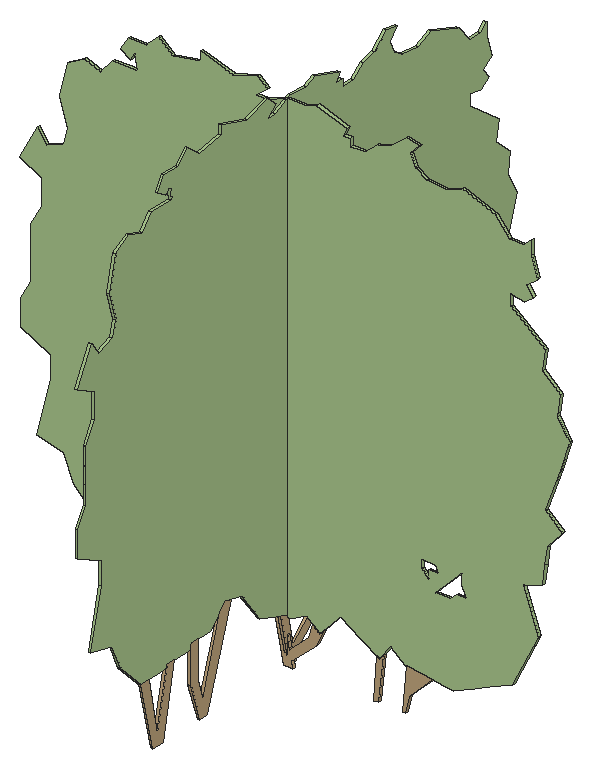
Revit family "L-PL낙엽관목_화살나무", category 수목, Revit 2019
Family settings
  OmniClass 번호 = 23.40.05.00
  OmniClass 제목 = Plants and Planting Products
  작업 기준면 기반 = 아니오
  항상 수직 = 예
  로드될 때 보이드를 사용하여 절단 = 아니오
  렌더 모양 소스 = 패밀리 형상
  공유 = 아니오
Parameters (values of type "화살나무")
  한국산업규격KS = ""
  조달청표준공사코드-세부공종 = "10161599202809"
  높이 = 1000 mm
  건설정보분류체계-부위분류 = "E985"
  LIM_INFO_주의사항 = "재배포, 재가공, 판매 금지"
  LIM_INFO_제작일 = "20211210"
  LIM_INFO_버전 = "2022_V01"
  LIM_INFO_PL_학명 = "Quercus myrsinaefolia Bl."
  LIM_INFO_PL_품명 = "가시나무"
  LIM_INFO_PL_주당인정수량 = 0
  LIM_INFO_PL_수목단위 = "주"
  LIM_INFO_PL_규격 = "5.0H X 18R"
  LIM_INFO_PL_구분 = "상록교목"
  LIM_INFO_PL_가격 = 0
  LIM_INFO_PL_Qty [instance] = 0
  LIM_INFO_PL_M2당수량 = 0
  KBIMS_식별-버전 = ""
  KBIMS_식별-bSK등록번호 = ""
  KBIMS_보급정보-저작자 = "림인포테크_MMJ"
  KBIMS_보급정보-보급코드 = ""
Reference planes
  plane 1 "중심(앞/뒤)": y = 0
  plane 2: z = 0
  plane 3 "중심(왼쪽/오른쪽)": x = 0
  plane 4: x = 482.5
  plane 5: x = -607.5
  plane 6: z = -545
  plane 7: z = -817.5
  plane 8: z = 5000
  plane 9: x = -100
  plane 10: x = 100
Dimensions and locks
  plane 4 to plane 5 = 1090 mm
  plane 6 to level = 545 mm
  plane 7 to plane 6 = 272.5 mm
  locked: level to plane 8 at 5000
  plane 9 to plane 10 = 200 mm
  aligned and locked: level to plane 2
Nested families
  nested 1: "화살나무_base" at (0, 0, 0), type "화살나무_base"
Definition of nested family "화살나무_base"
  Parameters (values of type "화살나무_base")
    Height = 6000 mm
  Reference planes
    plane 1 "중심(앞/뒤)": y = 0
    plane 2: z = 0
    plane 3 "중심(왼쪽/오른쪽)": x = 0
  Forms (mm)
    Revolve 1, solid, detail levels coarse
      sketch origin (0, 0, 0) x (1, 0, 0) y (0, 0, 1)
        loop
          line (0.01, 0) -> (0.01, 600) -> (-339.99, 600)
          arc (-339.99, 600) -> (-453.127, 553.137) -> (-499.99, 440) r 160
          line (-499.99, 440) -> (-499.99, 140)
          arc (-499.99, 140) -> (-476.558, 83.431) -> (-419.99, 60) r 80
          line (-419.99, 60) -> (-158.625, 60) -> (-158.625, 0) -> (0.01, 0)
        axis (0.01, 600) -> (0.01, 0)
      angle from 0 to 360
    Extrusion 2, solid, detail levels fine
      sketch origin (0, 0, 0) x (1, 0, 0) y (0, 0, 1)
        loop
          line (-297.872, 124.344) -> (-296.449, 130.707) -> (-238.378, 130.707) -> (-238.378, 141.852) -> (-192.196, 141.852) -> (-152.023, 177.547) -> (-114.17, 170.665) -> (-69.428, 110.519) -> (9.756, 83.311) -> (43.569, 100.68) -> (68.317, 77.752) -> (89.417, 100.527) -> (108.698, 121.339) -> (148.597, 97.663) -> (184.731, 76.222) -> (207.148, 104.903) -> (236.259, 82.151) -> (328.336, 70.349) -> (368.591, 88.387) -> (398.135, 101.625) -> (443.007, 121.732) -> (492.328, 221.258) -> (464.132, 302.361) -> (500.748, 315.091) -> (505.353, 351.916) -> (509.958, 384.138) -> (539.123, 417.895) -> (506.888, 447.048) -> (534.518, 525.302) -> (552.017, 579.276) -> (529.09, 617.471) -> (535.777, 656.621) -> (501.06, 687.332) -> (506.914, 724.606) -> (438.313, 777.21) -> (438.313, 798.459) -> (465.38, 793.646) -> (483.755, 807.903) -> (469.908, 825.749) -> (490.249, 841.532) -> (478.723, 879.271) -> (478.723, 906.37) -> (464.484, 892.538) -> (437.179, 892.538) -> (410.432, 925.004) -> (345.473, 947.921) -> (313.949, 934.553) -> (276.694, 939.327) -> (254.723, 951.741) -> (244.067, 974.582) -> (262.092, 993.089) -> (236.778, 998.341) -> (207.164, 973.514) -> (180.417, 965.398) -> (157.198, 945.654) -> (129.656, 945.654) -> (129.656, 959.463) -> (114.663, 959.463) -> (123.101, 974.469) -> (63.874, 993.567) -> (42.858, 984.973) -> (5.125, 986.405) -> (-32.627, 969.845) -> (-54.176, 969.845) -> (-32.608, 987.837) -> (-50.759, 1005.025) -> (-100.433, 989.747) -> (-162.525, 1007.89) -> (-162.525, 991.657) -> (-216.02, 981.153) -> (-243.723, 1004.07) -> (-268.529, 982.104) -> (-301.656, 982.104) -> (-317.175, 957.833) -> (-298.005, 945.576) -> (-289.133, 959.451) -> (-284.179, 931.797) -> (-331.942, 931.797) -> (-354.869, 905.06) -> (-386.392, 916.519) -> (-419.827, 897.421) -> (-434.035, 835.21) -> (-419.827, 782.962) -> (-426.89, 754.616) -> (-460.253, 741.309) -> (-477.561, 766.077) -> (-511.38, 701.539) -> (-469.857, 679.78) -> (-469.857, 630.855) -> (-491.396, 593.976) -> (-491.396, 558.634) -> (-491.396, 527.901) -> (-491.396, 492.559) -> (-509.843, 458.754) -> (-509.843, 408.045) -> (-452.965, 378.849) -> (-452.965, 335.824) -> (-479.098, 231.334) -> (-427.738, 218.489) -> (-406.847, 171.406) -> (-359.486, 122.584) -> (-297.872, 124.344)
        loop
          line (344.514, 280.132) -> (293.389, 229.007) -> (323.389, 229.007) -> (333.996, 239.614) -> (353.996, 239.614) -> (344.514, 260.775) -> (344.514, 280.132)
        loop
          line (293.391, 277.427) -> (279.728, 277.427) -> (265.586, 277.427) -> (265.586, 262.427) -> (279.728, 248.285) -> (279.728, 263.285) -> (299.728, 263.285) -> (293.391, 277.427)
      from 0 to 5
    Extrusion 3, solid, detail levels fine
      sketch origin (0, 0, 0) x (1, 0, 0) y (0, 0, 1)
        loop
          line (-358.109, 122.624) -> (-329.191, 0) -> (-306.115, 0) -> (-278.425, 130.707) -> (-296.449, 130.707) -> (-320.743, 22.069) -> (-340.003, 123.141) -> (-358.109, 122.624)
        loop
          line (-221.105, 141.852) -> (-238.378, 141.852) -> (-238.378, 68.376) -> (-215.323, 0) -> (-197.978, 0) -> (-141.124, 175.565) -> (-152.023, 177.547) -> (-166.178, 164.97) -> (-208.578, 32.044) -> (-221.105, 71.536) -> (-221.105, 141.852)
        loop
          line (288.459, 75.46) -> (238.194, 81.903) -> (228.878, 0) -> (235.147, 0) -> (243.664, 31.244) -> (288.459, 75.46)
        loop
          line (192.057, 85.596) -> (184.731, 76.222) -> (179.687, 79.215) -> (173.345, 0) -> (182.399, 0) -> (192.057, 85.596)
        loop
          line (78.867, 89.14) -> (68.317, 77.752) -> (55.943, 89.216) -> (47.252, 64.833) -> (10.566, 29.764) -> (-1.813, 87.286) -> (-20.057, 93.555) -> (0, 0) -> (16.971, 0) -> (14.082, 13.427) -> (63.643, 56.644) -> (78.867, 89.14)
      from 0 to 5
    Extrusion 4, solid, detail levels fine
      sketch origin (0, 0, 0) x (0, 1, 0) y (0, 0, 1)
        loop
          line (-297.872, 124.344) -> (-296.449, 130.707) -> (-238.378, 130.707) -> (-238.378, 141.852) -> (-192.196, 141.852) -> (-152.023, 177.547) -> (-114.17, 170.665) -> (-69.428, 110.519) -> (9.756, 83.311) -> (43.569, 100.68) -> (68.317, 77.752) -> (89.417, 100.527) -> (108.698, 121.339) -> (148.597, 97.663) -> (184.731, 76.222) -> (207.148, 104.903) -> (236.259, 82.151) -> (328.336, 70.349) -> (368.591, 88.387) -> (398.135, 101.625) -> (443.007, 121.732) -> (492.328, 221.258) -> (464.132, 302.361) -> (500.748, 315.091) -> (505.353, 351.916) -> (509.958, 384.138) -> (539.123, 417.895) -> (506.888, 447.048) -> (534.518, 525.302) -> (552.017, 579.276) -> (529.09, 617.471) -> (535.777, 656.621) -> (501.06, 687.332) -> (506.914, 724.606) -> (438.313, 777.21) -> (438.313, 798.459) -> (465.38, 793.646) -> (483.755, 807.903) -> (469.908, 825.749) -> (490.249, 841.532) -> (478.723, 879.271) -> (478.723, 906.37) -> (464.484, 892.538) -> (437.179, 892.538) -> (410.432, 925.004) -> (345.473, 947.921) -> (313.949, 934.553) -> (276.694, 939.327) -> (254.723, 951.741) -> (244.067, 974.582) -> (262.092, 993.089) -> (236.778, 998.341) -> (207.164, 973.514) -> (180.417, 965.398) -> (157.198, 945.654) -> (129.656, 945.654) -> (129.656, 959.463) -> (114.663, 959.463) -> (123.101, 974.469) -> (63.874, 993.567) -> (42.858, 984.973) -> (5.125, 986.405) -> (-32.627, 969.845) -> (-54.176, 969.845) -> (-32.608, 987.837) -> (-50.759, 1005.025) -> (-100.433, 989.747) -> (-162.525, 1007.89) -> (-162.525, 991.657) -> (-216.02, 981.153) -> (-243.723, 1004.07) -> (-268.529, 982.104) -> (-301.656, 982.104) -> (-317.175, 957.833) -> (-298.005, 945.576) -> (-289.133, 959.451) -> (-284.179, 931.797) -> (-331.942, 931.797) -> (-354.869, 905.06) -> (-386.392, 916.519) -> (-419.827, 897.421) -> (-434.035, 835.21) -> (-419.827, 782.962) -> (-426.89, 754.616) -> (-460.253, 741.309) -> (-477.561, 766.077) -> (-511.38, 701.539) -> (-469.857, 679.78) -> (-469.857, 630.855) -> (-491.396, 593.976) -> (-491.396, 558.634) -> (-491.396, 527.901) -> (-491.396, 492.559) -> (-509.843, 458.754) -> (-509.843, 408.045) -> (-452.965, 378.849) -> (-452.965, 335.824) -> (-479.098, 231.334) -> (-427.738, 218.489) -> (-406.847, 171.406) -> (-359.486, 122.584) -> (-297.872, 124.344)
        loop
          line (344.514, 280.132) -> (293.389, 229.007) -> (323.389, 229.007) -> (333.996, 239.614) -> (353.996, 239.614) -> (344.514, 260.775) -> (344.514, 280.132)
        loop
          line (293.391, 277.427) -> (279.728, 277.427) -> (265.586, 277.427) -> (265.586, 262.427) -> (279.728, 248.285) -> (279.728, 263.285) -> (299.728, 263.285) -> (293.391, 277.427)
      from 0 to 5
    Extrusion 5, solid, detail levels fine
      sketch origin (0, 0, 0) x (0, 1, 0) y (0, 0, 1)
        loop
          line (-358.109, 122.624) -> (-329.191, 0) -> (-306.115, 0) -> (-278.425, 130.707) -> (-296.449, 130.707) -> (-320.743, 22.069) -> (-340.003, 123.141) -> (-358.109, 122.624)
        loop
          line (-221.105, 141.852) -> (-238.378, 141.852) -> (-238.378, 68.376) -> (-215.323, 0) -> (-197.978, 0) -> (-141.124, 175.565) -> (-152.023, 177.547) -> (-166.178, 164.97) -> (-208.578, 32.044) -> (-221.105, 71.536) -> (-221.105, 141.852)
        loop
          line (288.459, 75.46) -> (238.194, 81.903) -> (228.878, 0) -> (235.147, 0) -> (243.664, 31.244) -> (288.459, 75.46)
        loop
          line (192.057, 85.596) -> (184.731, 76.222) -> (179.687, 79.215) -> (173.345, 0) -> (182.399, 0) -> (192.057, 85.596)
        loop
          line (78.867, 89.14) -> (68.317, 77.752) -> (55.943, 89.216) -> (47.252, 64.833) -> (10.566, 29.764) -> (-1.813, 87.286) -> (-20.057, 93.555) -> (0, 0) -> (16.971, 0) -> (14.082, 13.427) -> (63.643, 56.644) -> (78.867, 89.14)
      from 0 to 5
  Lines and regions (mm)
    symbolic lines
      curve 1: circle (0, 0, 0) r 26.356 normal (0, 0, 1)
      curve 2: circle (-26.564, 0, 0) r 466.898 normal (0, 0, 1)
      curve 3: circle (22.5, 0, 0) r 466.898 normal (0, 0, 1)
  Dimensions and locks
    aligned and locked: level to plane 2
